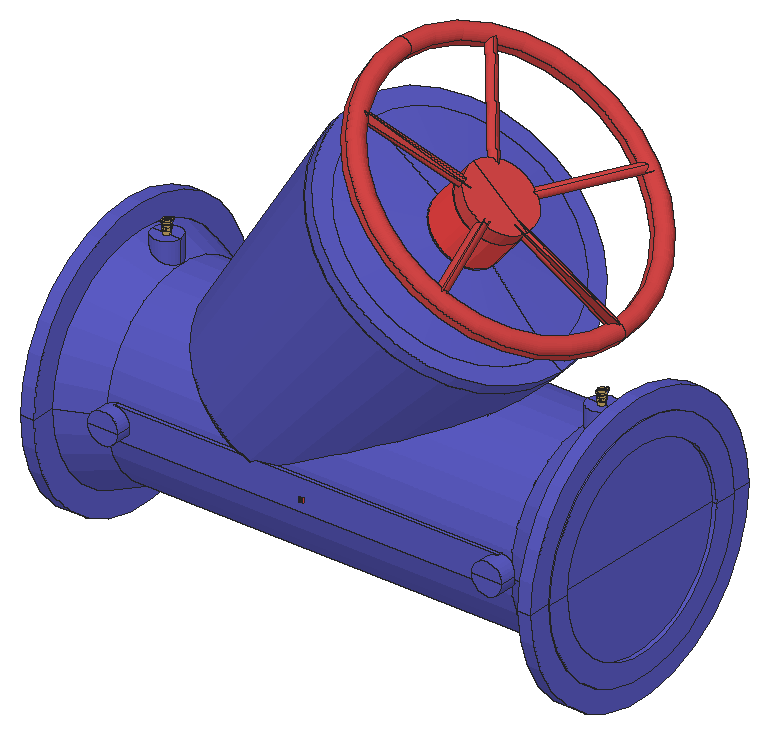
Revit family "HERZ Strömax Балансировочный клапан с измерительными клапанами, шпиндель наклонный 4218 GF PN16", category Rohrzubehör, Revit 2018
Family settings
  Bemaßung runder Anschluss = Durchmesser verwenden
  Teiletyp = Unterbricht
  OmniClass-Nummer = 23.65.55.14
  OmniClass-Titel = Valves for Liquid Services
  Arbeitsebenenbasiert = Nein
  Immer vertikal = Ja
  Beim Laden mit Abzugskörper schneiden = Nein
  Gemeinsam genutzt = Nein
Parameters
  Шпиндель = "нержавеющая сталь"  # constant formula
  Среда = "Допускается использование этилен- и пропиленгликоля в концентрации смеси 25-50% объема.\r\nКачество теплоносителя согласно ÖNORM H 5195 и VDI 2035."
  Область применения = "Для гидравлической балансировки в системах отопления или охлаждения, регулирования и перекрытия трубопроводов, стояков, теплообменников, тепловых и холодильных регистров."
  Номер заказа [instance] = size_lookup("4218_GF_16_", "Artnr", 0, Nennweite)  # 1421890
  Мин. рабочая температура = -10 °C  # constant formula
  Макс. рабочее давление = 1600000.0 Pa  # constant formula
  Макс. рабочая температура = 110 °C  # constant formula
  Корпус = "чугун с шаровидным графитом EN-GJS-400-15"  # constant formula
  Исполнение = "Балансировочный  клапан STRÖMAX-GF с измерительными клапанами, DN 350-500, корпус из чугуна с шаровидным графитом GJS 400-15 в соответствии с EN 1561, фланцы в соответствии с EN 1092, PN 16 или PN 25, покрыт синей эмалью.\r\nБукса из чугуна с шаровидным графитом GJS 400-15, с неподнимающимся шпинделем, уплотнение шпинделя с посощью тройных кольцевых уплотнений.\r\nЦифровой лимб указателя настройки."
  Измерение перепада давления = "Балансировочный клапан STRÖMAX GF оборудован двумя измерительными клапанами:\r\nпри использовании соответствующего измерительного прибора можно измерить перепад давления и благодаря этому можно соответственно определить расход."
  Букса = "чугун с шаровидным графитом EN-GJS-400-15"  # constant formula
  kvs-значения [instance] = if(Nennweite = 350.00 mm, 2917.6, if(Nennweite = 400.00 mm, 3854.8, if(Nennweite = 500.00 mm, 5250.6, 0)))  # 3854.8
  Счетное устройство = "пластмасса"  # constant formula
  W02 = 60.00°  # constant formula
  W01 = 50.00°  # constant formula
  Кегель клапана = "чугун с шаровидным графитом EN-GJS-400-15 согласно EN 1561 / EPDM с покрытием"  # constant formula
  S01 [instance] = Nennweite + 10.00 mm  # 410.00 mm
  Регулирующий шпиндель = "нержавеющая сталь"  # constant formula
  O-Ring = "EPDM"  # constant formula
  L04 [instance] = size_lookup("4218_GF_16_", "L4", 1.00 mm, Nennweite)  # 229.00 mm
  H11 = 85.00 mm  # constant formula
  H10 [instance] = H07 + H03  # 629.50 mm
  H08 = 47.00 mm  # constant formula
  H07 = 50.00 mm  # constant formula
  H06 = 27.00 mm  # constant formula
  H05 [instance] = H04 + 25.00 mm  # 516.00 mm
  H04 [instance] = size_lookup("4218_GF_16_", "H4", 1.00 mm, Nennweite)  # 491.00 mm
  H03 [instance] = size_lookup("4218_GF_16_", "H3", 1.00 mm, Nennweite)  # 579.50 mm
  Вес [instance] = if(Nennweite = 350.00 mm, "536.0 kg", if(Nennweite = 400.00 mm, "547.0 kg", if(Nennweite = 500.00 mm, "968.0 kg", "0")))  # "547.0 kg"
  URL = "www.herz-armaturen.ru"
  SCRNSEQ = "ARM;ARM_TYP=\"STRV\";2"
  SCRNCODE = "05;07;02"  # constant formula
  R02 [instance] = size_lookup("4218_GF_16_", "R2", 1.00 mm, Nennweite)  # 30.00 mm
  R01 [instance] = size_lookup("4218_GF_16_", "R1", 1.00 mm, Nennweite)  # 32.50 mm
  Nennweite [instance] = 400.00 mm
  L03 [instance] = size_lookup("4218_GF_16_", "L3", 1.00 mm, Nennweite)  # 465.00 mm
  L02 [instance] = size_lookup("4218_GF_16_", "L2", 1.00 mm, Nennweite)  # 410.00 mm
  L01 [instance] = size_lookup("4218_GF_16_", "L1", 1.00 mm, Nennweite)  # 432.50 mm
  L00 [instance] = size_lookup("4218_GF_16_", "L", 1.00 mm, Nennweite)  # 1100.00 mm
  Hersteller = "HERZ Armaturen Ges.m.b.H."  # constant formula
  H09 [instance] = H03  # 579.50 mm
  H02 [instance] = size_lookup("4218_GF_16_", "H2", 1.00 mm, Nennweite)  # 250.00 mm
  H01 [instance] = size_lookup("4218_GF_16_", "H1", 1.00 mm, Nennweite)  # 239.00 mm
  GT = 10.00 mm  # constant formula
  FLL02 [instance] = size_lookup("4218_GF_16_", "FLL2", 1.00 mm, Nennweite)  # 28.00 mm
  FLL01 [instance] = size_lookup("4218_GF_16_", "FLL1", 1.00 mm, Nennweite)  # 4.00 mm
  FLD03 [instance] = size_lookup("4218_GF_16_", "FLD3", 1.00 mm, Nennweite)  # 203.20 mm
  FLD02 [instance] = size_lookup("4218_GF_16_", "FLD2", 1.00 mm, Nennweite)  # 240.00 mm
  FLD01 [instance] = size_lookup("4218_GF_16_", "FLD1", 1.00 mm, Nennweite)  # 245.00 mm
  FLD00 [instance] = size_lookup("4218_GF_16_", "FLD", 1.00 mm, Nennweite)  # 290.00 mm
  DN500 [instance] = Nennweite = 500.00 mm  # no
  DN400 [instance] = Nennweite = 400.00 mm  # yes
  DN350 [instance] = Nennweite = 350.00 mm  # no
  D05 = 75.00 mm  # constant formula
  D04 [instance] = size_lookup("4218_GF_16_", "D4", 1.00 mm, Nennweite)  # 37.50 mm
  D03 [instance] = size_lookup("4218_GF_16_", "D3", 1.00 mm, Nennweite)  # 220.00 mm
  D02 [instance] = D03 - 20.00 mm  # 200.00 mm
  D01 [instance] = size_lookup("4218_GF_16_", "D1", 1.00 mm, Nennweite)  # 285.00 mm
  D00 [instance] = size_lookup("4218_GF_16_", "D", 1.00 mm, Nennweite)  # 218.00 mm
  BH02 [instance] = -BH01  # -32.50 mm
  BH01 [instance] = size_lookup("4218_GF_16_", "BH1", 1.00 mm, Nennweite)  # 32.50 mm
  Anschluss [instance] = Nennweite / 2  # 200.00 mm
Reference planes
  plane 1 "Mitte (Vorne/hinten)": y = 0
  plane 2: z = 0
  plane 3 "Mitte (Links/rechts)": x = 0
Forms (mm)
  Revolve 1, solid, material "Herz-Marineblau", detail levels fine
    sketch origin (1058.943, 0, 0) x (1, 0, 0) y (0, 1, 0)
      loop
        line (-1604.943, 290) -> (-1604.943, 245) -> (-1608.943, 245) -> (-1608.943, 200) -> (-1598.943, 200) -> (-1598.943, 0) -> (-518.943, 0) -> (-518.943, 200) -> (-508.943, 200) -> (-508.943, 245) -> (-512.943, 245) -> (-512.943, 290) -> (-540.943, 290) -> (-540.943, 240) -> (-626.443, 203.2)
        arc (-626.443, 203.2) -> (-1058.943, 218) -> (-1491.443, 203.2) r 6326.868
        line (-1491.443, 203.2) -> (-1576.943, 240) -> (-1576.943, 290) -> (-1604.943, 290)
      axis (-1608.943, 0) -> (-508.943, 0)
    angle from 0 to 360
  Revolve 2, solid, material "Herz-Marineblau", detail levels fine
    sketch origin (0, 0, 0) x (1, 0, 0) y (0, 1, 0)
      loop
        line (-410, 239) -> (-442.5, 239) -> (-442.5, -239) -> (-410, -239) -> (-410, 239)
      axis (-410, 239) -> (-410, -239)
    angle from 0 to 360
  Revolve 3, solid, material "Herz-Marineblau", detail levels fine
    sketch origin (0, 0, 0) x (-1, 0, 0) y (0, 1, 0)
      loop
        line (-410, 239) -> (-442.5, 239) -> (-442.5, -239) -> (-410, -239) -> (-410, 239)
      axis (-410, 239) -> (-410, -239)
    angle from 0 to 360
  Revolve 4, solid, material "Herz-Marineblau", detail levels fine
    sketch origin (0, 0, 0) x (1, 0, 0) y (0, 0, 1)
      loop
        line (-465, 0) -> (-465, 250) -> (-495, 250) -> (-495, 0) -> (-465, 0)
      axis (-465, 250) -> (-465, 0)
    angle from 0 to 360
  Revolve 5, solid, material "Herz-Marineblau", detail levels fine
    sketch origin (0, 0, 0) x (-1, 0, 0) y (0, 0, 1)
      loop
        line (-465, 0) -> (-465, 250) -> (-495, 250) -> (-495, 0) -> (-465, 0)
      axis (-465, 250) -> (-465, 0)
    angle from 0 to 360
  Extrusion 6, solid, material "Herz-Marineblau", visible <- "DN500", detail levels fine
    sketch origin (0, 0, 0) x (1, 0, 0) y (0, 1, 0)
      loop
        arc (-475, -263.998) -> (0, -282.994) -> (475, -263.998) r 5948.094
        line (475, -263.998) -> (475, 263.998)
        arc (475, 263.998) -> (0, 282.994) -> (-475, 263.998) r 5948.094
        line (-475, 263.998) -> (-475, -263.998)
    from -32.5 <- "BH02" to 32.5 <- "BH01"
  Extrusion 7, solid, material "Herz-Marineblau", visible <- "DN400", detail levels fine
    sketch origin (0, 0, 0) x (1, 0, 0) y (0, 1, 0)
      loop
        arc (-410, -209.712) -> (0, -223.005) -> (410, -209.712) r 6329.849
        line (410, -209.712) -> (410, 209.712)
        arc (410, 209.712) -> (0, 223.005) -> (-410, 209.712) r 6329.849
        line (-410, 209.712) -> (-410, -209.712)
    from -32.5 <- "BH02" to 32.5 <- "BH01"
  Extrusion 8, solid, material "Herz-Marineblau", visible <- "DN350", detail levels fine
    sketch origin (0, 0, 0) x (1, 0, 0) y (0, 1, 0)
      loop
        arc (-390, -185.916) -> (0, -255.071) -> (390, -185.916) r 1134.286
        line (390, -185.916) -> (390, 185.916)
        arc (390, 185.916) -> (0, 255.071) -> (-390, 185.916) r 1134.286
        line (-390, 185.916) -> (-390, -185.916)
    from -32.5 <- "BH02" to 32.5 <- "BH01"
  Revolve 9, solid, material "Herz-Marineblau", detail levels fine
    sketch origin (0, 0, 0) x (1, 0, 0) y (0, 0, 1)
      loop
        line (-229, 0) -> (143.495, 443.923) -> (-74.827, 627.117) -> (-340.643, 209.208) -> (-341.392, 177.201) -> (-229, 0)
      axis (-229, 0) -> (143.495, 443.923)
    angle from 0 to 360
  Revolve 10, solid, material "Herz-Marineblau", detail levels fine
    sketch origin (0, 0, 0) x (1, 0, 0) y (0, 0, 1)
      loop
        line (143.495, 443.923) -> (175.635, 482.225) -> (118.181, 530.434) -> (116.253, 528.136)
        arc (116.253, 528.136) -> (45.842, 579.084) -> (-28.745, 623.696) r 995.411
        line (-28.745, 623.696) -> (-57.472, 647.8) -> (-74.827, 627.117) -> (143.495, 443.923)
      axis (175.635, 482.225) -> (143.495, 443.923)
    angle from 0 to 360
  Revolve 11, solid, material "Kunsstoff rot", detail levels fine
    sketch origin (0, 0, 0) x (1, 0, 0) y (0, 0, 1)
      loop
        line (175.635, 482.225) -> (230.272, 547.339) -> (172.818, 595.548) -> (118.181, 530.434) -> (175.635, 482.225)
      axis (230.272, 547.339) -> (175.635, 482.225)
    angle from 0 to 360
Lines and regions (mm)
  model lines, detail levels coarse+medium
    curve 1: line (-550, 0, 290) -> (-550, 0, -290)
    curve 2: line (-550, 0, -290) -> (550, 0, 290)
    curve 3: line (550, 0, 290) -> (550, 0, -290)
    curve 4: line (550, 0, -290) -> (-550, 0, 290)
    curve 5: line (0, 0, 0) -> (334.574, 0, 579.5)
    curve 6: line (157.039, 0, 682) -> (512.11, 0, 477)
    curve 7: line (-550, 290, 0) -> (-550, -290, 0)
    curve 8: line (-550, -290, 0) -> (550, 290, 0)
    curve 9: line (550, 290, 0) -> (550, -290, 0)
    curve 10: line (550, -290, 0) -> (-550, 290, 0)
    curve 11: line (0, 0, 0) -> (334.574, 579.5, 0)
    curve 12: line (157.039, 682, 0) -> (512.11, 477, 0)
Dimensions and locks
  "FLD00": plane 1 "Mitte (Vorne/hinten)" to Revolve 1 sketch curve
  "FLD01": plane 1 "Mitte (Vorne/hinten)" to Revolve 1 sketch curve
  "FLD02": plane 1 "Mitte (Vorne/hinten)" to Revolve 1 sketch curve  (x2)
  "FLD03": plane 1 "Mitte (Vorne/hinten)" to Revolve 1 sketch curve  (x2)
  "GT": Revolve 1 sketch curve to Revolve 1 sketch curve  (x2)
  "FLL01": Revolve 1 sketch curve to Revolve 1 sketch curve  (x2)
  "FLL02": Revolve 1 sketch curve to Revolve 1 sketch curve  (x2)
  equal spacing: Revolve 1 sketch curve, plane 3 "Mitte (Links/rechts)", Revolve 1 sketch curve
  "Anschluss": Revolve 1 sketch curve to plane 1 "Mitte (Vorne/hinten)"
  "Anschluss": plane 1 "Mitte (Vorne/hinten)" to Revolve 1 sketch curve
  "FLD01": Revolve 1 sketch curve to plane 1 "Mitte (Vorne/hinten)"
  "FLD00": Revolve 1 sketch curve to plane 1 "Mitte (Vorne/hinten)"
  "L00": Revolve 1 sketch curve to Revolve 1 sketch curve
  "D00": plane 1 "Mitte (Vorne/hinten)" to Revolve 1 sketch curve
  "L01": Revolve 1 sketch curve to plane 3 "Mitte (Links/rechts)" to Revolve 1 sketch curve
  "L02": Revolve 2 sketch curve to plane 3 "Mitte (Links/rechts)"
  "R01": Revolve 2 sketch curve to Revolve 2 sketch curve
  "H01": Revolve 2 sketch curve to plane 1 "Mitte (Vorne/hinten)" to Revolve 2 sketch curve
  "L02": plane 3 "Mitte (Links/rechts)" to Revolve 3 sketch curve
  "R01": Revolve 3 sketch curve to Revolve 3 sketch curve
  "H01": Revolve 3 sketch curve to plane 1 "Mitte (Vorne/hinten)" to Revolve 3 sketch curve
  "L03": plane 3 "Mitte (Links/rechts)" to Revolve 4 sketch curve
  "R02": Revolve 4 sketch curve to Revolve 4 sketch curve
  "H02": Revolve 4 sketch curve to plane 2
  "R02": Revolve 5 sketch curve to Revolve 5 sketch curve
  "L03": Revolve 5 sketch curve to plane 3 "Mitte (Links/rechts)"
  "H02": Revolve 5 sketch curve to plane 2
  "L03": plane 3 "Mitte (Links/rechts)" to nested 1
  "L03": nested 2 to plane 3 "Mitte (Links/rechts)"
  "H02": nested 1 to plane 2
  "H02": nested 2 to plane 2
  "FLD00": curve 4 to plane 2 to curve 2
  "FLD00": curve 3 to plane 2 to curve 4
  equal spacing: curve 1, plane 3 "Mitte (Links/rechts)", curve 3
  "L00": curve 1 to curve 3
  "H09": curve 5 to plane 2
  equal spacing: curve 1, curve 5, curve 3
  equal spacing: curve 6, curve 5, curve 6
  "S01": curve 6 to curve 6
  "FLD00": curve 8 to plane 1 "Mitte (Vorne/hinten)" to curve 10
  "FLD00": curve 10 to plane 1 "Mitte (Vorne/hinten)" to curve 9
  equal spacing: curve 7, plane 3 "Mitte (Links/rechts)", curve 9
  "L00": curve 7 to curve 9
  equal spacing: curve 7, curve 11, curve 9
  "H09": plane 1 "Mitte (Vorne/hinten)" to curve 11
  equal spacing: curve 12, curve 11, curve 12
  "S01": curve 12 to curve 12
  "L04": plane 3 "Mitte (Links/rechts)" to Revolve 9 sketch curve  (x2)
  "H03": Revolve 9 sketch curve to Revolve 9 sketch curve
  "D02": Revolve 9 sketch curve to Revolve 9 sketch curve
  "H05": Revolve 9 sketch curve to Revolve 9 sketch curve
  "H04": Revolve 9 sketch curve to Revolve 9 sketch curve
  "D03": Revolve 9 sketch curve to Revolve 9 sketch curve
  "H03": Revolve 10 sketch curve to Revolve 10 sketch curve
  "D01": Revolve 10 sketch curve to Revolve 10 sketch curve  (x2)
  "D04": Revolve 10 sketch curve to Revolve 10 sketch curve
  "D05": Revolve 10 sketch curve to Revolve 10 sketch curve
  "H06": Revolve 9 to Revolve 10 sketch curve
  "H07": Revolve 9 to Revolve 10 sketch curve
  "H08": Revolve 9 to Revolve 10 sketch curve
  "L04": plane 3 "Mitte (Links/rechts)" to Revolve 10 sketch curve
  "D01": Revolve 9 sketch curve to Revolve 9 sketch curve
  "L04": plane 3 "Mitte (Links/rechts)" to Revolve 11 sketch curve
  "H11": Revolve 10 to Revolve 11 sketch curve
  "D05": Revolve 11 sketch curve to Revolve 11 sketch curve  (x2)
  "H10": Revolve 11 sketch curve to Revolve 11 sketch curve
  "W02": angle plane 2 to curve 5
  "W02": angle plane 1 "Mitte (Vorne/hinten)" to curve 11
  "W01": angle plane 2 to Revolve 9 sketch curve  (x2)
  "W01": angle plane 2 to Revolve 10 sketch curve  (x2)
  "W01": angle plane 2 to Revolve 11 sketch curve  (x2)
  aligned and locked: level to plane 2
Automatic sketch dimensions
  Extrusion 6 sketch curve to plane 3 "Mitte (Links/rechts)" = 0.00 mm  (x2)
  plane 1 "Mitte (Vorne/hinten)" to Extrusion 6 sketch curve = 263.998 mm
  Extrusion 6 sketch curve to plane 3 "Mitte (Links/rechts)" = 475.00 mm
  Extrusion 6 sketch curve to Extrusion 6 sketch curve = 5401.102 mm
  Extrusion 6 sketch curve to plane 1 "Mitte (Vorne/hinten)" = 5665.10 mm
  Extrusion 6 sketch curve to plane 1 "Mitte (Vorne/hinten)" = 263.998 mm  (x2)
  Extrusion 7 sketch curve to plane 3 "Mitte (Links/rechts)" = 0.00 mm  (x2)
  plane 1 "Mitte (Vorne/hinten)" to Extrusion 7 sketch curve = 209.712 mm  (x2)
  Extrusion 7 sketch curve to plane 3 "Mitte (Links/rechts)" = 410.00 mm
  Extrusion 7 sketch curve to Extrusion 7 sketch curve = 5897.131 mm
  Extrusion 7 sketch curve to plane 1 "Mitte (Vorne/hinten)" = 6106.844 mm
  Extrusion 7 sketch curve to plane 1 "Mitte (Vorne/hinten)" = 209.712 mm
  Extrusion 8 sketch curve to plane 3 "Mitte (Links/rechts)" = 0.00 mm  (x2)
  plane 1 "Mitte (Vorne/hinten)" to Extrusion 8 sketch curve = 185.916 mm
  Extrusion 8 sketch curve to plane 3 "Mitte (Links/rechts)" = 390.00 mm
  Extrusion 8 sketch curve to Extrusion 8 sketch curve = 693.298 mm
  Extrusion 8 sketch curve to plane 1 "Mitte (Vorne/hinten)" = 879.214 mm
  Extrusion 8 sketch curve to plane 1 "Mitte (Vorne/hinten)" = 185.916 mm  (x2)
  plane 1 "Mitte (Vorne/hinten)" to Revolve 1 sketch curve = 0.00 mm  (x2)
  Revolve 1 sketch curve to Revolve 1 sketch curve = 35.00 mm
  Revolve 1 sketch curve to Revolve 1 sketch curve = 40.00 mm
  Revolve 2 sketch curve to Revolve 2 sketch curve = 0.00 mm  (x3)
  Revolve 3 sketch curve to Revolve 3 sketch curve = 0.00 mm  (x3)
  Revolve 4 sketch curve to level = 0.00 mm  (x2)
  Revolve 4 sketch curve to Revolve 4 sketch curve = 0.00 mm  (x2)
  Revolve 5 sketch curve to level = 0.00 mm  (x2)
  Revolve 5 sketch curve to Revolve 5 sketch curve = 0.00 mm  (x2)
  Revolve 9 sketch curve to level = 0.00 mm  (x2)
  Revolve 10 sketch curve to level = 0.00 mm
  Revolve 10 sketch curve to level = 252.062 mm
  Revolve 11 sketch curve to level = 0.00 mm
Nested families
  nested 1: "Messstutzen_Band_Eintritt_senkrecht_(oben)" at (-465, 0, 241), type "Messstutzen_Band_Eintritt_senkrecht_(oben)", detail levels fine
    with Schutzkappe yes, Nennweite 0.00 mm, Gewicht 0.00 kg, Bestellnummer 0
  nested 2: "Messstutzen_Band_Austritt_senkrecht_(oben)" at (465, 0, 241), type "Messstutzen_Band_Austritt_senkrecht_(oben)", detail levels fine
    with Schutzkappe yes, Nennweite 0.00 mm, Gewicht 0.00 kg, Bestellnummer 0
  nested 3: "Herz-Logo-vorne" at (0, -282.994, 0) x (0, 1, 0) z (0, 0, 1), visible <- "DN500", type "Herz-Logo-vorne", detail levels fine
  nested 4: "Herz-Logo-vorne" at (0, -221.503, 0) x (0, 1, 0) z (0, 0, 1), visible <- "DN400", type "Herz-Logo-vorne", detail levels fine
  nested 5: "Herz-Logo-vorne" at (0, -255.053, 0) x (0, 1, 0) z (0, 0, 1), visible <- "DN350", type "Herz-Logo-vorne", detail levels fine
  nested 6: "Strangregulierventil-Handrad_VOLL-Schräg (Rot) DN350-DN400" at (211.704, 0, 501.376), visible <- "DN350", type "Strangregulierventil-Handrad_VOLL-Schräg (Rot) DN350-DN400"
    with DN300 yes
  nested 7: "Strangregulierventil-Handrad_VOLL-Schräg (Rot) DN350-DN400" at (230.272, 0, 547.339), visible <- "DN400", type "Strangregulierventil-Handrad_VOLL-Schräg (Rot) DN350-DN400"
    with DN300 yes
  nested 8: "Strangregulierventil-Handrad_VOLL-Schräg (Rot) DN500" at (262.637, 0, 616.896), visible <- "DN500", type "Strangregulierventil-Handrad_VOLL-Schräg (Rot) DN500", detail levels fine
    with DN300 yes
Connectors
  piping at (-550, 0, 0), diameter 400, driven by "Nennweite"
    settings: on Revolve 1, index 1, connector inside diameter 609.6 mm, connector length 0.00 mm, flow factor 0, pipe flow 0.0 L/s, pressure drop 0.0 Pa, fitting loss kfactor 0, connector angle 0.00°, fixture units 0, engagement length 0.00 mm, angle of deflection 0.00°, flow configuration 0, flow direction 1, fitting loss method 0, system type 29, joint type 0, gender type 0, connector reference index -1, connector utility 0, adjustable connector no, is connector primary yes, connector description ""
  piping at (550, 0, 0), diameter 400, driven by "Nennweite"
    settings: on Revolve 1, index 2, connector inside diameter 609.6 mm, connector length 0.00 mm, flow factor 0, pipe flow 0.0 L/s, pressure drop 0.0 Pa, fitting loss kfactor 0, connector angle 0.00°, fixture units 0, engagement length 0.00 mm, angle of deflection 0.00°, flow configuration 0, flow direction 2, fitting loss method 0, system type 29, joint type 0, gender type 0, connector reference index -1, connector utility 0, adjustable connector no, is connector primary no, connector description ""
Definition of nested family "Messstutzen_Band_Eintritt_senkrecht_(oben)"
  Parameters (values of type "Messstutzen_Band_Eintritt_senkrecht_(oben)")
    URL = "www.herz-armaturen.at"
    Schutzkappe [instance] = yes
    Nennweite [instance] = 0.00 mm
    Manufacturer = "Herz Armaturen GmbH"  # constant formula
    Gewicht [instance] = 0.00 kg
    Bestellnummer [instance] = 0
  Reference planes
    plane 1 "Mitte (Vorne/hinten)": y = 0
    plane 2: z = 0
    plane 3 "Mitte (Links/rechts)": x = 0
    plane 4 "Schlaufe 1": z = -27
    plane 5 "Schlaufe 2": z = -31.678
  Forms (mm)
    Revolve 1, solid, detail levels fine
      sketch origin (0, 0, 0) x (1, 0, 0) y (0, 0, 1)
        loop
          line (-7.4, 9) -> (-5.55, 9) -> (-5.55, 6)
          arc (-5.55, 6) -> (-5.626, 5.617) -> (-5.843, 5.293) r 1
          line (-5.843, 5.293) -> (-6.455, 4.681) -> (-6.455, 0.9) -> (-5.555, 0) -> (-2, 0) -> (-2, 17.5) -> (-8.4, 17.5)
          arc (-8.4, 17.5) -> (-7.693, 17.207) -> (-7.4, 16.5) r 1
          line (-7.4, 16.5) -> (-7.4, 9)
        loop
          line (-3.7, 27) -> (-7.3, 27) -> (-7.9, 26.4) -> (-7.9, 23) -> (-2, 23) -> (-2, 35.8) -> (-3.805, 35.8) -> (-4.415, 35.19) -> (-4.415, 30.863) -> (-3.7, 30.45) -> (-3.7, 27)
        axis (0, 0) -> (0, 35.8)
      angle from 0 to 360
    Extrusion 2, solid, detail levels fine
      sketch origin (0, 0, 17.5) x (0, 1, 0) y (-1, 0, 0)
        loop
          arc (-7.07, 5.156) -> (-7.578, 4.375) -> (-8, 3.544) r 8.75
          line (-8, 3.544) -> (-8, -3.544)
          arc (-8, -3.544) -> (-7.578, -4.375) -> (-7.07, -5.156) r 8.75
          line (-7.07, -5.156) -> (-0.93, -8.7)
          arc (-0.93, -8.7) -> (0, -8.75) -> (0.93, -8.7) r 8.75
          line (0.93, -8.7) -> (7.07, -5.156)
          arc (7.07, -5.156) -> (7.578, -4.375) -> (8, -3.544) r 8.75
          line (8, -3.544) -> (8, 3.544)
          arc (8, 3.544) -> (7.578, 4.375) -> (7.07, 5.156) r 8.75
          line (7.07, 5.156) -> (0.93, 8.7)
          arc (0.93, 8.7) -> (0, 8.75) -> (-0.93, 8.7) r 8.75
          line (-0.93, 8.7) -> (-7.07, 5.156)
      from 0 to 5.5
    Revolve 3, solid, visible <- "Schutzkappe", detail levels fine
      sketch origin (0, 0, 0) x (1, 0, 0) y (0, 0, 1)
        loop
          line (0, 35.878) -> (0, 36.678) -> (-7, 36.678) -> (-7, 33.378) -> (-6.1, 33.378) -> (-6.1, 31.678) -> (-6.9, 31.678) -> (-6.9, 30.178) -> (-4.415, 30.178) -> (-4.415, 35.268) -> (-3.805, 35.878) -> (0, 35.878)
        axis (0, 30.178) -> (0, 36.678)
      angle from 0 to 360
    Extrusion 4, solid, detail levels fine
      sketch origin (0, 0, 28.5) x (1, 0, 0) y (0, 1, 0)
        loop
          circle (0, 0) r 3.7
        loop
          arc (-3.906, 5.505) -> (0, -6.75) -> (3.906, 5.505) r 6.75
          arc (3.906, 5.505) -> (2.358, 7.288) -> (1.8, 9.582) r 5
          line (1.8, 9.582) -> (-1.8, 9.582)
          arc (-1.8, 9.582) -> (-2.358, 7.288) -> (-3.906, 5.505) r 5
      from 0 to -1.5
    Extrusion 5, solid, detail levels fine
      sketch origin (0, 0, 33.178) x (1, 0, 0) y (0, 1, 0)
        loop
          circle (0, 0) r 6.1
        loop
          arc (-4.495, 8.652) -> (0, -9.75) -> (4.495, 8.652) r 9.75
          arc (4.495, 8.652) -> (2.527, 10.493) -> (1.8, 13.089) r 5
          line (1.8, 13.089) -> (-1.8, 13.089)
          arc (-1.8, 13.089) -> (-2.527, 10.493) -> (-4.495, 8.652) r 5
      from 0 to -1.5
    Sweep 6, solid, detail levels fine
      path origin (0, 0, 0) x (0, 0, -1) y (0, -1, 0)
        loop
          line (-27.75, -9.582) -> (-27.75, -14.522)
          arc (-27.75, -14.522) -> (-30.089, -16.862) -> (-32.428, -14.522) r 2.339
          line (-32.428, -14.522) -> (-32.428, -13.089)
      profile origin (0, 12.052, 27.75) x (0, 0, 1) y (1, 0, 0)
        loop
          line (-0.75, -1.8) -> (0.75, -1.8) -> (0.75, 1.8) -> (-0.75, 1.8) -> (-0.75, -1.8)
  Dimensions and locks
    aligned and locked: level to plane 2
Definition of nested family "Messstutzen_Band_Austritt_senkrecht_(oben)"
  Parameters (values of type "Messstutzen_Band_Austritt_senkrecht_(oben)")
    URL = "www.herz-armaturen.at"
    Schutzkappe [instance] = yes
    Nennweite [instance] = 0.00 mm
    Manufacturer = "Herz Armaturen GmbH"  # constant formula
    Gewicht [instance] = 0.00 kg
    Bestellnummer [instance] = 0
  Reference planes
    plane 1 "Mitte (Vorne/hinten)": y = 0
    plane 2: z = 0
    plane 3 "Mitte (Links/rechts)": x = 0
    plane 4 "Schlaufe 1": z = -27
    plane 5 "Schlaufe 2": z = -31.678
  Forms (mm)
    Revolve 1, solid, detail levels fine
      sketch origin (0, 0, 0) x (1, 0, 0) y (0, 0, 1)
        loop
          line (-7.4, 9) -> (-5.55, 9) -> (-5.55, 6)
          arc (-5.55, 6) -> (-5.626, 5.617) -> (-5.843, 5.293) r 1
          line (-5.843, 5.293) -> (-6.455, 4.681) -> (-6.455, 0.9) -> (-5.555, 0) -> (-2, 0) -> (-2, 17.5) -> (-8.4, 17.5)
          arc (-8.4, 17.5) -> (-7.693, 17.207) -> (-7.4, 16.5) r 1
          line (-7.4, 16.5) -> (-7.4, 9)
        loop
          line (-3.7, 27) -> (-7.3, 27) -> (-7.9, 26.4) -> (-7.9, 23) -> (-2, 23) -> (-2, 35.8) -> (-3.805, 35.8) -> (-4.415, 35.19) -> (-4.415, 30.863) -> (-3.7, 30.45) -> (-3.7, 27)
        axis (0, 0) -> (0, 35.8)
      angle from 0 to 360
    Extrusion 2, solid, detail levels fine
      sketch origin (0, 0, 17.5) x (0, 1, 0) y (-1, 0, 0)
        loop
          arc (-7.07, 5.156) -> (-7.578, 4.375) -> (-8, 3.544) r 8.75
          line (-8, 3.544) -> (-8, -3.544)
          arc (-8, -3.544) -> (-7.578, -4.375) -> (-7.07, -5.156) r 8.75
          line (-7.07, -5.156) -> (-0.93, -8.7)
          arc (-0.93, -8.7) -> (0, -8.75) -> (0.93, -8.7) r 8.75
          line (0.93, -8.7) -> (7.07, -5.156)
          arc (7.07, -5.156) -> (7.578, -4.375) -> (8, -3.544) r 8.75
          line (8, -3.544) -> (8, 3.544)
          arc (8, 3.544) -> (7.578, 4.375) -> (7.07, 5.156) r 8.75
          line (7.07, 5.156) -> (0.93, 8.7)
          arc (0.93, 8.7) -> (0, 8.75) -> (-0.93, 8.7) r 8.75
          line (-0.93, 8.7) -> (-7.07, 5.156)
      from 0 to 5.5
    Revolve 3, solid, visible <- "Schutzkappe", detail levels fine
      sketch origin (0, 0, 0) x (1, 0, 0) y (0, 0, 1)
        loop
          line (0, 35.878) -> (0, 36.678) -> (-7, 36.678) -> (-7, 33.378) -> (-6.1, 33.378) -> (-6.1, 31.678) -> (-6.9, 31.678) -> (-6.9, 30.178) -> (-4.415, 30.178) -> (-4.415, 35.268) -> (-3.805, 35.878) -> (0, 35.878)
        axis (0, 30.178) -> (0, 36.678)
      angle from 0 to 360
    Extrusion 4, solid, detail levels fine
      sketch origin (0, 0, 28.5) x (1, 0, 0) y (0, 1, 0)
        loop
          circle (0, 0) r 3.7
        loop
          arc (-3.906, 5.505) -> (0, -6.75) -> (3.906, 5.505) r 6.75
          arc (3.906, 5.505) -> (2.358, 7.288) -> (1.8, 9.582) r 5
          line (1.8, 9.582) -> (-1.8, 9.582)
          arc (-1.8, 9.582) -> (-2.358, 7.288) -> (-3.906, 5.505) r 5
      from 0 to -1.5
    Extrusion 5, solid, detail levels fine
      sketch origin (0, 0, 33.178) x (1, 0, 0) y (0, 1, 0)
        loop
          circle (0, 0) r 6.1
        loop
          arc (-4.495, 8.652) -> (0, -9.75) -> (4.495, 8.652) r 9.75
          arc (4.495, 8.652) -> (2.527, 10.493) -> (1.8, 13.089) r 5
          line (1.8, 13.089) -> (-1.8, 13.089)
          arc (-1.8, 13.089) -> (-2.527, 10.493) -> (-4.495, 8.652) r 5
      from 0 to -1.5
    Sweep 6, solid, detail levels fine
      path origin (0, 0, 0) x (0, 0, -1) y (0, -1, 0)
        loop
          line (-27.75, -9.582) -> (-27.75, -14.522)
          arc (-27.75, -14.522) -> (-30.089, -16.862) -> (-32.428, -14.522) r 2.339
          line (-32.428, -14.522) -> (-32.428, -13.089)
      profile origin (0, 12.052, 27.75) x (0, 0, 1) y (1, 0, 0)
        loop
          line (-0.75, -1.8) -> (0.75, -1.8) -> (0.75, 1.8) -> (-0.75, 1.8) -> (-0.75, -1.8)
  Dimensions and locks
    aligned and locked: level to plane 2
Definition of nested family "Herz-Logo-vorne"
  Reference planes
    plane 1 "Mitte (Vorne/hinten)": y = 0
    plane 2: z = 0
    plane 3 "Mitte (Links/rechts)": x = 0
  Forms (mm)
    Extrusion 1, solid
      sketch origin (0.732, -0.018, 0.017) x (0, -1, 0) y (0, 0, 1)
        loop
          line (-0.018, -4.517) -> (4.482, -4.517) -> (4.482, 4.483) -> (-4.518, 4.483) -> (-4.518, -4.517) -> (-0.018, -4.517)
        loop
          line (-0.05, -3.48) -> (3.482, -3.48) -> (3.482, 3.483) -> (-3.518, 3.483) -> (-3.518, -3.48) -> (-0.05, -3.48)
        loop
          arc (-0.018, 2.383) -> (-1.543, 3.287) -> (-3.067, 2.383) r 1.738
          arc (-3.067, 2.383) -> (-3.191, 1.899) -> (-3.067, 1.415) r 1.009
          line (-3.067, 1.415) -> (-0.018, -3.281) -> (3.032, 1.415)
          arc (3.032, 1.415) -> (3.156, 1.899) -> (3.032, 2.383) r 1.009
          arc (3.032, 2.383) -> (1.507, 3.287) -> (-0.018, 2.383) r 1.738
        loop
          arc (1.885, 1.272) -> (2.005, 1.675) -> (1.885, 2.079) r 0.74
          arc (1.885, 2.079) -> (1.265, 2.416) -> (0.644, 2.079) r 0.74
          line (0.644, 2.079) -> (-0.018, 0.97) -> (-0.679, 2.079)
          arc (-0.679, 2.079) -> (-1.3, 2.416) -> (-1.921, 2.079) r 0.74
          arc (-1.921, 2.079) -> (-2.04, 1.675) -> (-1.921, 1.272) r 0.74
          line (-1.921, 1.272) -> (-0.018, -1.658) -> (1.885, 1.272)
      from 0 to 1.5
  Dimensions and locks
    aligned and locked: level to plane 2
Definition of nested family "Strangregulierventil-Handrad_VOLL-Schräg (Rot) DN350-DN400"
  Parameters (values of type "Strangregulierventil-Handrad_VOLL-Schräg (Rot) DN350-DN400")
    DN300 [instance] = yes
  Reference planes
    plane 1 "Mitte (Vorne/hinten)": y = 0
    plane 2: z = 0
    plane 3 "Mitte (Links/rechts)": x = 0
  Forms (mm)
    Revolve 1, solid, detail levels fine
      sketch origin (0, 0, 0) x (0.766044, 0, -0.642788) y (0.642788, 0, 0.766044)
        loop
          line (0, 0) -> (0, 30) -> (-75, 30) -> (-75, 0) -> (0, 0)
        loop
          line (-316.85, 58.85) -> (-316.85, 42.85) -> (-280.85, 42.85) -> (-280.85, 58.85)
          arc (-280.85, 58.85) -> (-298.85, 76.85) -> (-316.85, 58.85) r 18
        axis (0, 58.85) -> (0, 0)
      angle from 0 to 360
    Revolve 2, solid, detail levels fine
      sketch origin (0, 0, 0) x (0.766044, 0, -0.642788) y (0.642788, 0, 0.766044)
        loop
          line (299.245, 74.817) -> (49.107, 26.195) -> (50.831, 16.343) -> (301.153, 65.001) -> (299.245, 74.817)
        axis (50.832, 16.338) -> (301.154, 64.996)
      angle from 0 to 360
    Revolve 3, solid, detail levels fine
      sketch origin (0, 0, 0) x (0.236721, 0.951057, -0.198632) y (0.642788, 0, 0.766044)
        loop
          line (299.245, 74.817) -> (49.107, 26.195) -> (50.831, 16.343) -> (301.153, 65.001) -> (299.245, 74.817)
        axis (50.832, 16.338) -> (301.154, 64.996)
      angle from 0 to 360
    Revolve 4, solid, detail levels fine
      sketch origin (0, 0, 0) x (-0.619743, 0.587785, 0.520026) y (0.642788, 0, 0.766044)
        loop
          line (299.245, 74.817) -> (49.107, 26.195) -> (50.831, 16.343) -> (301.153, 65.001) -> (299.245, 74.817)
        axis (50.832, 16.338) -> (301.154, 64.996)
      angle from 0 to 360
    Revolve 5, solid, detail levels fine
      sketch origin (0, 0, 0) x (-0.619743, -0.587785, 0.520026) y (0.642788, 0, 0.766044)
        loop
          line (299.245, 74.817) -> (49.107, 26.195) -> (50.831, 16.343) -> (301.153, 65.001) -> (299.245, 74.817)
        axis (50.832, 16.338) -> (301.154, 64.996)
      angle from 0 to 360
    Revolve 6, solid, detail levels fine
      sketch origin (0, 0, 0) x (0.236721, -0.951057, -0.198632) y (0.642788, 0, 0.766044)
        loop
          line (299.245, 74.817) -> (49.107, 26.195) -> (50.831, 16.343) -> (301.153, 65.001) -> (299.245, 74.817)
        axis (50.832, 16.338) -> (301.154, 64.996)
      angle from 0 to 360
  Dimensions and locks
    Revolve 1 sketch curve to plane 2 = 255.179 mm
    Revolve 1 sketch curve to Revolve 1 sketch curve = 30.00 mm
    aligned and locked: level to plane 2
Definition of nested family "Strangregulierventil-Handrad_VOLL-Schräg (Rot) DN500"
  Parameters (values of type "Strangregulierventil-Handrad_VOLL-Schräg (Rot) DN500")
    DN300 [instance] = yes
  Reference planes
    plane 1 "Mitte (Vorne/hinten)": y = 0
    plane 2: z = 0
    plane 3 "Mitte (Links/rechts)": x = 0
  Forms (mm)
    Revolve 1, solid, detail levels fine
      sketch origin (0, 0, 0) x (0.766044, 0, -0.642788) y (0.642788, 0, 0.766044)
        loop
          line (0, 0) -> (0, 30) -> (-75, 30) -> (-75, 0) -> (0, 0)
        loop
          circle (-400, 94.75) r 16.85
        axis (0, 94.75) -> (0, 0)
      angle from 0 to 360
    Revolve 2, solid, detail levels fine
      sketch origin (0, 0, 0) x (0.766044, 0, -0.642788) y (0.642788, 0, 0.766044)
        loop
          line (400.44, 94.852) -> (397.067, 109.46) -> (48.97, 25.68) -> (51.251, 14.235) -> (400.44, 94.852)
        axis (51.251, 14.235) -> (400.44, 94.852)
      angle from 0 to 360
    Revolve 3, solid, detail levels fine
      sketch origin (0, 0, 0) x (0.383022, 0.866025, -0.321394) y (0.642788, 0, 0.766044)
        loop
          line (400.44, 94.852) -> (397.067, 109.46) -> (48.97, 25.68) -> (51.251, 14.235) -> (400.44, 94.852)
        axis (51.251, 14.235) -> (400.44, 94.852)
      angle from 0 to 360
    Revolve 4, solid, detail levels fine
      sketch origin (0, 0, 0) x (-0.383022, 0.866025, 0.321394) y (0.642788, 0, 0.766044)
        loop
          line (400.44, 94.852) -> (397.067, 109.46) -> (48.97, 25.68) -> (51.251, 14.235) -> (400.44, 94.852)
        axis (51.251, 14.235) -> (400.44, 94.852)
      angle from 0 to 360
    Revolve 5, solid, detail levels fine
      sketch origin (0, 0, 0) x (-0.766044, 0, 0.642788) y (0.642788, 0, 0.766044)
        loop
          line (400.44, 94.852) -> (397.067, 109.46) -> (48.97, 25.68) -> (51.251, 14.235) -> (400.44, 94.852)
        axis (51.251, 14.235) -> (400.44, 94.852)
      angle from 0 to 360
    Revolve 6, solid, detail levels fine
      sketch origin (0, 0, 0) x (-0.383022, -0.866025, 0.321394) y (0.642788, 0, 0.766044)
        loop
          line (400.44, 94.852) -> (397.067, 109.46) -> (48.97, 25.68) -> (51.251, 14.235) -> (400.44, 94.852)
        axis (51.251, 14.235) -> (400.44, 94.852)
      angle from 0 to 360
    Revolve 7, solid, detail levels fine
      sketch origin (0, 0, 0) x (0.383022, -0.866025, -0.321394) y (0.642788, 0, 0.766044)
        loop
          line (400.44, 94.852) -> (397.067, 109.46) -> (48.97, 25.68) -> (51.251, 14.235) -> (400.44, 94.852)
        axis (51.251, 14.235) -> (400.44, 94.852)
      angle from 0 to 360
  Dimensions and locks
    Revolve 1 sketch curve to Revolve 1 sketch curve = 30.00 mm
    Revolve 1 sketch curve to Revolve 1 sketch curve = 416.85 mm
    Revolve 1 sketch curve to level = 346.548 mm
    Revolve 1 sketch curve to Revolve 1 sketch curve = 75.00 mm
    aligned and locked: level to plane 2
